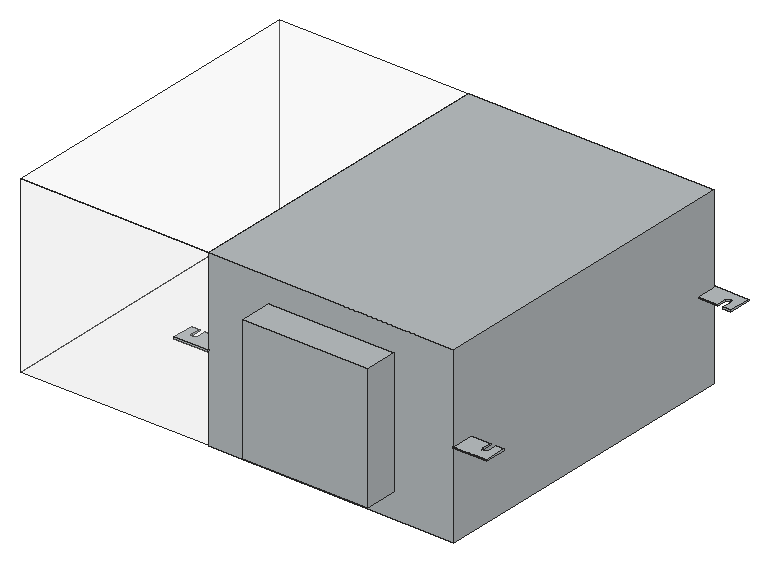
Revit family "bfs-300ta2-60_60Hz", category 機械設備, Revit 2019
Family settings
  丸型コネクタ寸法 = 直径を使用
  パーツ タイプ = 割り込み
  OmniClass 番号 = 23.75.35.17.24
  OmniClass タイトル = Axial Fans
  作業面ベース = いいえ
  常に垂直 = はい
  ロード時にボイドで切り取り = いいえ
  共有 = いいえ
  部屋計算ポイント = はい
Parameters (values of type "BFS-300TA2-60")
  騒音レベル(dB(A))_吸込 = 56
  騒音レベル(dB(A))_吐出 = 73
  騒音レベル(dB(A))_側面 = 46
  騒音レベル(dB(A)) = 73
  風量 [instance] = 設計風量  # 0.0 m³/h
  電源種別 [instance] = "一般"
  電圧 = 200 V
  電動機出力 = 1500 W
  電動機_種別 [instance] = ""
  運転質量 = 0.00 kg
  連動 [instance] = ""
  質量 = if(製品質量 > 運転質量, 製品質量, 運転質量) * 1.2  # 46.80 kg
  負荷分類 = 3_ファン類
  説明 = "ストレートシロッコファン天吊埋込タイプ（標準形）"
  設計風量 [instance] = 0.0 m³/h
  設置方法 = "天吊"
  記号 [instance] = ""
  製造元 = "三菱電機株式会社"
  製品質量 = 39.00 kg
  製品出荷対象 = "国内"
  製品リリース年月 = "2022年6月1日"
  製品グループ = ""
  系統 [instance] = ""
  符号 [instance] = if(☑給気／□排気, "FS", "FE")  # "FE"
  積算_科目 = "2 換気設備"
  積算_拾い区分 [instance] = ""
  相 = 3
  盤記号 [instance] = ""
  盤工事区分 = "電気工事"
  発停方法 [instance] = "別売スイッチ"
  番手 = "#2"
  特殊仕様 [instance] = ""
  火災停止 [instance] = ""
  消費電力 = 1270 W
  法定耐用年数 = "15"
  機外静圧 [instance] = 0.0 Pa
  極数 = 3
  極 = 4
  材質 [instance] = ""
  本体マテリアル = 溶融亜鉛めっき鋼板
  操作・制御方式 = ""
  操作・制御スイッチ = ""
  排気量 [instance] = if(☑給気／□排気, 0.0 m³/h, 設計風量)  # 0.0 m³/h
  形式 = ""
  形名 = BFS-TA : BFS-300TA
  幹線記号 [instance] = ""
  対象室 [instance] = ""
  実風量 = 0.0 m³/h
  始動方式 [instance] = "直入"
  外気量 [instance] = if(☑給気／□排気, 設計風量, 0.0 m³/h)  # 0.0 m³/h
  呼称 = "消音ボックス付送風機"
  周波数 = 60 Hz
  天吊金具ピッチ幅 = 695 mm
  天吊金具ピッチ奥行 = 722 mm
  参照している仕様書等のバージョン = ""
  分類コード = "50052502100020"
  分類グループ = ""
  価格 = 266000
  企業コード = "108420"
  付属品_防振装置 = ""
  付属品 [instance] = ""
  仕様書バージョン = "Version1.0"
  モデル = "BFS-300TA2-60"
  ファンの種類 = "多翼形"
  ダクト高 = 300 mm
  ダクト幅 = 300 mm
  サービススペース = yes
  コメント [instance] = ""
  Keynote = ""
  ☑給気／□排気 [instance] = no
  Width = 586 mm
  Version = ""
  Uniclass2015Version = "Systems v1.9"
  Uniclass2015Title = "Centrifugal fans"
  Uniclass2015Code = "Pr_65_67_29_12"
  URL = "https://www.mitsubishielectric.co.jp/ldg/wink/ssl/displayProduct.do?pid=319092"
  SpecificationReference = ""
  SpecificationDescription = ""
  Revision = ""
  ProductInformation = ""
  OmniClassCode = "23-33 31 19 13 15"
  MIN風量 = 0.0 m³/h
  MIN静圧 = 0.0 Pa
  MID風量 = 0.0 m³/h
  MID静圧 = 0.0 Pa
  MAX風量 = 3000.0 m³/h
  MAX静圧 = 460.0 Pa
  M = 79 mm
  IfcTypeProduct = ""
  IfcProduct = ""
  IfcExportType = "CENTRIFUGALFORWARDCURVED"
  IfcExportAs = "IfcFanType"
  Height = 413 mm
  Depth = 775 mm
  Clearance Top = 0 mm  # constant formula
  Clearance Right = 0 mm  # constant formula
  Clearance Left = 450 mm  # constant formula
  Clearance Front = 0 mm  # constant formula
  Clearance Bottom = 0 mm  # constant formula
  Clearance Back = 0 mm  # constant formula
  Author = "三菱電機株式会社"
Reference planes
  plane 1 "中心(正面/背面)": y = 0
  plane 2: z = 0
  plane 3 "中心(左/右)": x = 0
  plane 4 "左": x = -293
  plane 5 "右": x = 293
  plane 6 "背面": y = 387.5
  plane 7 "正面": y = -387.5
  plane 8: z = 206.5
  plane 9: y = 361
  plane 10: y = -361
  plane 11: x = 347.5
  plane 12: x = -347.5
  plane 13: z = -206.5
  plane 14: z = 206.5
  plane 15: z = -206.5
  plane 16: y = 387.5
  plane 17: y = -387.5
  plane 18: x = -743
  plane 19: x = 293
Lines and regions (mm)
  Masking region 1, detail levels coarse+medium
    outline origin (-173.573, -1404.281, 0) x (1, 0, 0) y (0, 1, 0)
      loop
        line (-119.427, 1016.781) -> (466.573, 1016.781) -> (466.573, 1791.781) -> (-119.427, 1791.781) -> (-119.427, 1016.781)
  symbolic lines, detail levels coarse+medium
    curve 1: line (-293, 387.5, 0) -> (293, 0, 0)
    curve 2: line (293, 0, 0) -> (-293, -387.5, 0)
Dimensions and locks
  "Width": plane 4 "左" to plane 5 "右"
  equal spacing: plane 7 "正面", plane 1 "中心(正面/背面)", plane 6 "背面"
  "Depth": plane 7 "正面" to plane 6 "背面"
  equal spacing: plane 8, level, plane 13
  "Height": plane 8 to plane 13
  "Clearance Right": plane 5 "右" to plane 19
  "Clearance Left": plane 18 to plane 4 "左"
  "Clearance Back": plane 6 "背面" to plane 16
  "Clearance Front": plane 17 to plane 7 "正面"
  "Clearance Top": plane 14 to plane 8
  "Clearance Bottom": plane 13 to plane 15
  equal spacing: plane 12, plane 3 "中心(左/右)", plane 11
  "天吊金具ピッチ幅": plane 12 to plane 11
  equal spacing: plane 10, plane 1 "中心(正面/背面)", plane 9
  "天吊金具ピッチ奥行": plane 10 to plane 9
  equal spacing: plane 4 "左", plane 3 "中心(左/右)", plane 5 "右"
  aligned and locked: level to plane 2
  aligned and locked: nested 2 to plane 9
  aligned and locked: plane 10 to nested 2
  aligned and locked: plane 12 to nested 2
  aligned and locked: plane 11 to nested 2
  aligned and locked: plane 8 to nested 1
  aligned and locked: plane 18 to nested 3
  aligned and locked: plane 17 to nested 3
  aligned and locked: plane 14 to nested 3
  aligned and locked: plane 15 to nested 3
  aligned and locked: plane 1 "中心(正面/背面)" to nested 1
  aligned and locked: nested 1 to plane 3 "中心(左/右)"
  aligned and locked: plane 16 to nested 3
  aligned and locked: plane 4 "左" to nested 3
  aligned and locked: plane 5 "右" to Masking region 1
  aligned and locked: Masking region 1 to plane 4 "左"
  aligned and locked: Masking region 1 to plane 6 "背面"
  aligned and locked: plane 7 "正面" to Masking region 1
Automatic sketch dimensions
  plane 4 "左" to Masking region 1 sketch curve = 0 mm
  Masking region 1 sketch curve to plane 5 "右" = 0 mm
  plane 7 "正面" to Masking region 1 sketch curve = 0 mm
  Masking region 1 sketch curve to plane 7 "正面" = 775 mm
  curve 2 to plane 4 "左" = 0 mm
  curve 1 to plane 4 "左" = 0 mm
  plane 1 "中心(正面/背面)" to curve 1 = 0 mm
  curve 1 to plane 5 "右" = 0 mm
  plane 7 "正面" to curve 2 = 0 mm
  plane 6 "背面" to curve 1 = 0 mm
Nested families
  nested 1: "BFS-TA" at (0, 0, -206.5) x (0, -1, 0) z (0, 0, 1), type <- "形名", type "BFS-300TA"
  nested 2: "固定点" at (-347.5, -361, 0), type "固定点"
    with W 695 mm, D 722 mm
  nested 3: "サービススペース" at (-518, 0, 0), visible <- "サービススペース", type "サービススペース"
    with Width 450 mm, Height 413 mm, Depth 775 mm
Connectors
  hvac at (0, -466.5, 0), driven by "ダクト高", driven by "ダクト幅", driven by "機外静圧", driven by "風量"
    settings: on nested 1, index 4, duct flow 0.0 m³/h, flow factor 0, pres drop 0.0 Pa, loss coef 0, conn angle 0.00°, conn width 300 mm, conn height 300 mm, conn diameter 609.6 mm, duct sys type 29, conn prof type 1, flow config 0, flow direction 2, loss method 4, conn ref index -1, conn util no, is conn primary yes, conn desc "Out"
  hvac at (0, 466.5, 0), driven by "ダクト高", driven by "ダクト幅", driven by "機外静圧", driven by "風量"
    settings: on nested 1, index 5, duct flow 0.0 m³/h, flow factor 0, pres drop 0.0 Pa, loss coef 0, conn angle 0.00°, conn width 300 mm, conn height 300 mm, conn diameter 609.6 mm, duct sys type 29, conn prof type 1, flow config 0, flow direction 1, loss method 4, conn ref index -1, conn util no, is conn primary no, conn desc "In"
  electrical at (-322.5, -259.5, -64), driven by "極数", driven by "負荷分類", driven by "電圧", driven by "消費電力"
    settings: on nested 1, index 6, voltage 200 V, apparent load 1270 VA, apparent load phase1 0 VA, apparent load phase2 0 VA, apparent load phase3 0 VA, power factor 1, load classification "3_ファン類", number of poles 3, system type 30, power factor state 1, is connector primary yes, connector utility no, sub classification motor no, connector description ""
Definition of nested family "BFS-TA"
  Parameters (values of type "BFS-300TA1")
    端子カバー高 = 99 mm
    端子カバー手前位置 = 62.5 mm
    端子カバー幅 = 29.5 mm
    端子カバー奥行 = 131 mm
    端子カバー上位置 = 221 mm
    吊りボルト幅 = 695 mm
    吊りボルト奥行 = 772 mm
    マテリアル = none
    φ = 298 mm
    Φ = 298 mm
    kb_z = 50 mm
    b = 430 mm
    a = 79 mm
    W = 775 mm
    H = 413 mm
    c = 59 mm
    D = 586 mm
  Reference planes
    plane 1 "中心(正面/背面)": y = 0
    plane 2: z = 0
    plane 3 "中心(左/右)": x = 0
    plane 4: y = 293
    plane 5: y = 347.5
    plane 6: y = 373
    plane 7: y = -293
    plane 8: y = -347.5
    plane 9: y = -373
    plane 10: x = -387.5
    plane 11: x = -361
    plane 12: x = -390.5
    plane 13: x = 387.5
    plane 14: x = 361
    plane 15: x = 390.5
    plane 16: z = 413
    plane 17: z = 600
    plane 18: z = 900
    plane 19: z = 1200
    plane 20: x = -105
    plane 21: x = 325
    plane 22: x = 466.5
    plane 23: x = -466.5
    plane 24: z = 206.5
    plane 25: z = 203.5
    plane 26: z = 165.5
    plane 27: x = -338.5
    plane 28: y = -296
    plane 29: z = 188.5
    plane 30: x = 338.5
    plane 31: y = 296
    plane 32: x = 456.5
    plane 33: x = 397.5
    plane 34: x = -397.5
    plane 35: x = -456.5
    plane 36: x = 194
    plane 37: z = 192
    plane 38: z = 93
    plane 39: y = -322.5
    plane 40: z = 103
    plane 41: y = 149
    plane 42: y = -149
    plane 43: z = 355.5
    plane 44: z = 57.5
    plane 45: z = 182
  Forms (mm)
    Extrusion 1, solid, material <- "マテリアル", detail levels fine
      sketch origin (0, 0, 0) x (1, 0, 0) y (0, 1, 0)
        loop
          line (-387.5, 293) -> (-387.5, -293) -> (387.5, -293) -> (387.5, 293) -> (-387.5, 293)
      from 0 to 413
    Extrusion 2, solid, material <- "マテリアル", detail levels fine
      sketch origin (0, 0, 0) x (1, 0, 0) y (0, 1, 0)
        loop
          line (-390.5, -293) -> (-390.5, -373) -> (-338.5, -373) -> (-338.5, -354.25) -> (-361, -354.25)
          arc (-361, -354.25) -> (-367.75, -347.5) -> (-361, -340.75) r 6.75
          line (-361, -340.75) -> (-338.5, -340.75) -> (-338.5, -293) -> (-390.5, -293)
      from 203.5 to 206.5
    Extrusion 3, solid, material <- "マテリアル", detail levels fine
      sketch origin (0, 0, 0) x (1, 0, 0) y (0, 1, 0)
        loop
          line (-390.5, 293) -> (-338.5, 293) -> (-338.5, 340.75) -> (-361, 340.75)
          arc (-361, 340.75) -> (-367.75, 347.5) -> (-361, 354.25) r 6.75
          line (-361, 354.25) -> (-338.5, 354.25) -> (-338.5, 373) -> (-390.5, 373) -> (-390.5, 293)
      from 203.5 to 206.5
    Extrusion 4, solid, material <- "マテリアル", detail levels fine
      sketch origin (0, 0, 0) x (-1, 0, 0) y (0, -1, 0)
        loop
          line (-390.5, 293) -> (-338.5, 293) -> (-338.5, 340.75) -> (-361, 340.75)
          arc (-361, 340.75) -> (-367.75, 347.5) -> (-361, 354.25) r 6.75
          line (-361, 354.25) -> (-338.5, 354.25) -> (-338.5, 373) -> (-390.5, 373) -> (-390.5, 293)
      from 203.5 to 206.5
    Extrusion 5, solid, material <- "マテリアル", detail levels fine
      sketch origin (0, 0, 0) x (0, 1, 0) y (0, 0, 1)
        loop
          line (149, 57.5) -> (149, 355.5) -> (-149, 355.5) -> (-149, 57.5) -> (149, 57.5)
      from -387.5 to -466.5
    Extrusion 6, solid, material <- "マテリアル", detail levels fine
      sketch origin (0, 0, 0) x (0, 1, 0) y (0, 0, -1)
        loop
          line (-149, -355.5) -> (149, -355.5) -> (149, -57.5) -> (-149, -57.5) -> (-149, -355.5)
      from -387.5 to -466.5
    Extrusion 7, solid, material <- "マテリアル", detail levels fine
      sketch origin (0, 0, 0) x (1, 0, 0) y (0, 0, 1)
        loop
          line (325, 192) -> (194, 192) -> (194, 93) -> (325, 93) -> (325, 192)
      from 293 to 322.5
    Extrusion 8, solid, material <- "マテリアル", detail levels fine
      sketch origin (0, 0, 0) x (-1, 0, 0) y (0, -1, 0)
        loop
          line (-390.5, -293) -> (-390.5, -373) -> (-338.5, -373) -> (-338.5, -354.25) -> (-361, -354.25)
          arc (-361, -354.25) -> (-367.75, -347.5) -> (-361, -340.75) r 6.75
          line (-361, -340.75) -> (-338.5, -340.75) -> (-338.5, -293) -> (-390.5, -293)
      from 203.5 to 206.5
  Dimensions and locks
    plane 12 to plane 15 = 781 mm
    plane 11 to plane 14 = 722 mm
    "W": plane 10 to plane 13
    plane 9 to plane 6 = 746 mm
    plane 8 to plane 5 = 695 mm
    "D": plane 7 to plane 4
    equal spacing: plane 7, plane 1 "中心(正面/背面)", plane 4
    equal spacing: plane 10, plane 3 "中心(左/右)", plane 13
    "H": plane 16 to level
    locked: plane 4 to plane 5 at 54.5
    locked: plane 5 to plane 6 at 25.5
    locked: plane 8 to plane 7 at 54.5
    locked: plane 9 to plane 8 at 25.5
    locked: plane 10 to plane 11 at 26.5
    locked: plane 14 to plane 13 at 26.5
    locked: plane 13 to plane 15 at 3
    locked: plane 12 to plane 10 at 3
    equal spacing: plane 16, plane 24, level
    locked: plane 24 to plane 25 at 3
    locked: plane 24 to plane 26 at 41
    locked: plane 12 to plane 27 at 52
    locked: plane 28 to plane 7 at 3
    locked: plane 25 to plane 29 at 15
    locked: plane 30 to plane 15 at 52
    locked: plane 31 to plane 4 at 3
    "a": plane 23 to plane 10
    "a": plane 13 to plane 22
    locked: plane 23 to plane 35 at 10
    locked: plane 34 to plane 10 at 10
    locked: plane 13 to plane 33 at 10
    locked: plane 32 to plane 22 at 10
    "端子カバー手前位置": plane 13 to plane 21
    "b": plane 21 to plane 20
    "端子カバー奥行": plane 21 to plane 36
    "端子カバー高": plane 37 to plane 38
    "端子カバー幅": plane 39 to plane 7
    locked: plane 40 to plane 38 at 10
    equal spacing: plane 42, plane 1 "中心(正面/背面)", plane 41
    "Φ": plane 42 to plane 41
    equal spacing: plane 43, plane 24, plane 44
    "φ": plane 43 to plane 44
    locked: plane 37 to plane 45 at 10
    "端子カバー上位置": plane 16 to plane 37
    aligned and locked: level to plane 2
    aligned and locked: plane 4 to Extrusion 1 sketch curve
    aligned and locked: plane 10 to Extrusion 1 sketch curve
    aligned and locked: Extrusion 1 sketch curve to plane 7
    aligned and locked: Extrusion 1 sketch curve to plane 13
    aligned and locked: plane 16 to Extrusion 1
    aligned and locked: plane 7 to Extrusion 2 sketch curve
    aligned and locked: plane 12 to Extrusion 2 sketch curve
    aligned and locked: Extrusion 2 sketch curve to plane 9
    aligned and locked: Extrusion 2 sketch curve to plane 27  (x2)
    aligned and locked: plane 11 to Extrusion 2 sketch curve
    aligned and locked: plane 8 to Extrusion 2 sketch curve
    aligned and locked: plane 24 to Extrusion 2
    aligned and locked: Extrusion 2 to plane 25
    aligned and locked: plane 27 to Extrusion 3 sketch curve  (x2)
    aligned and locked: plane 5 to Extrusion 3 sketch curve
    aligned and locked: plane 11 to Extrusion 3 sketch curve
    aligned and locked: Extrusion 3 sketch curve to plane 6
    aligned and locked: Extrusion 3 sketch curve to plane 12
    aligned and locked: plane 4 to Extrusion 3 sketch curve
    aligned and locked: plane 24 to Extrusion 3
    aligned and locked: Extrusion 3 to plane 25
    aligned and locked: plane 9 to Extrusion 4 sketch curve
    aligned and locked: plane 15 to Extrusion 4 sketch curve
    aligned and locked: Extrusion 4 sketch curve to plane 7
    aligned and locked: Extrusion 4 sketch curve to plane 30  (x2)
    aligned and locked: plane 14 to Extrusion 4 sketch curve
    aligned and locked: plane 8 to Extrusion 4 sketch curve
    aligned and locked: Extrusion 4 to plane 25
    aligned and locked: plane 24 to Extrusion 4
    aligned and locked: plane 10 to Extrusion 5
    aligned and locked: Extrusion 6 to plane 13
    aligned and locked: plane 37 to Extrusion 7 sketch curve
    aligned and locked: plane 21 to Extrusion 7 sketch curve
    aligned and locked: Extrusion 7 sketch curve to plane 38
    aligned and locked: Extrusion 7 sketch curve to plane 36
    aligned and locked: Extrusion 7 to plane 7
    aligned and locked: plane 6 to Extrusion 8 sketch curve
    aligned and locked: plane 30 to Extrusion 8 sketch curve  (x2)
    aligned and locked: Extrusion 8 sketch curve to plane 4
    aligned and locked: Extrusion 8 sketch curve to plane 15
    aligned and locked: plane 5 to Extrusion 8 sketch curve
    aligned and locked: plane 14 to Extrusion 8 sketch curve
    aligned and locked: plane 24 to Extrusion 8
    aligned and locked: Extrusion 8 to plane 25
    aligned and locked: Extrusion 5 sketch curve to plane 41
    aligned and locked: Extrusion 5 sketch curve to plane 43
    aligned and locked: Extrusion 5 sketch curve to plane 42
    aligned and locked: plane 44 to Extrusion 5 sketch curve
    aligned and locked: Extrusion 5 to plane 23
    aligned and locked: Extrusion 6 sketch curve to Extrusion 5  (x4)
    aligned and locked: plane 22 to Extrusion 6
    aligned and locked: plane 39 to Extrusion 7
  Automatic sketch dimensions
    Extrusion 3 sketch curve to plane 5 = 6.75 mm
    plane 5 to Extrusion 8 sketch curve = 6.75 mm
    Extrusion 2 sketch curve to plane 8 = 6.75 mm
    plane 8 to Extrusion 4 sketch curve = 6.75 mm
Definition of nested family "サービススペース"
  Parameters (values of type "サービススペース")
    Width [instance] = 500 mm
    Height [instance] = 500 mm
    Depth [instance] = 500 mm
  Reference planes
    plane 1 "中心(正面/背面)": y = 0
    plane 2: z = 0
    plane 3 "中心(左/右)": x = 0
    plane 4: y = -250
    plane 5: x = 250
    plane 6: y = 250
    plane 7: x = -250
    plane 8: z = 250
    plane 9: z = -250
  Forms (mm)
    Extrusion 1, solid
      sketch origin (-638.939, 0, 72.39) x (1, 0, 0) y (0, 1, 0)
        loop
          line (388.939, 250) -> (388.939, -250) -> (888.939, -250) -> (888.939, 250) -> (388.939, 250)
      from -322.39 to 177.61
  Lines and regions (mm)
    symbolic lines
      curve 1: line (-250, 0, 250) -> (250, 0, 250)
      curve 2: line (-250, 0, -250) -> (-250, 0, 250)
      curve 3: line (250, 0, -250) -> (-250, 0, -250)
      curve 4: line (250, 0, 250) -> (250, 0, -250)
      curve 5: line (0, -250, 250) -> (0, 250, 250)
      curve 6: line (0, -250, -250) -> (0, -250, 250)
      curve 7: line (0, 250, -250) -> (0, -250, -250)
      curve 8: line (0, 250, 250) -> (0, 250, -250)
      curve 9: line (-250, 250, 0) -> (250, 250, 0)
      curve 10: line (-250, -250, 0) -> (-250, 250, 0)
      curve 11: line (250, -250, 0) -> (-250, -250, 0)
      curve 12: line (250, 250, 0) -> (250, -250, 0)
  Dimensions and locks
    equal spacing: plane 7, plane 3 "中心(左/右)", plane 5
    equal spacing: plane 4, plane 1 "中心(正面/背面)", plane 6
    "Depth": plane 4 to plane 6
    "Width": plane 7 to plane 5
    equal spacing: plane 8, plane 2, plane 9
    "Height": plane 8 to plane 9
    aligned and locked: plane 9 to curve 3
    aligned and locked: plane 7 to curve 2
    aligned and locked: curve 4 to plane 5
    aligned and locked: plane 5 to Extrusion 1
    aligned and locked: Extrusion 1 to plane 7
    aligned and locked: Extrusion 1 to plane 9
    aligned and locked: plane 8 to Extrusion 1
    aligned and locked: plane 9 to curve 7
  Automatic sketch dimensions
    plane 4 to Extrusion 1 sketch curve = 0 mm
    Extrusion 1 sketch curve to plane 7 = 0 mm
    Extrusion 1 sketch curve to plane 5 = 0 mm
    plane 6 to Extrusion 1 sketch curve = 0 mm
    curve 2 to plane 8 = 0 mm
    plane 4 to curve 11 = 0 mm
    curve 11 to plane 7 = 0 mm
    curve 11 to plane 5 = 0 mm
    plane 6 to curve 10 = 0 mm
    curve 7 to plane 4 = 0 mm
    curve 7 to plane 6 = 0 mm
    curve 6 to plane 8 = 0 mm
Definition of nested family "固定点"
  Parameters (values of type "固定点")
    中心円 = 13.5 mm
    W [instance] = 1000 mm
    D [instance] = 1000 mm
  Reference planes
    plane 1 "中心(正面/背面)": y = 0
    plane 2: z = 0
    plane 3 "中心(左/右)": x = 0
    plane 4: x = 1000
    plane 5: y = 1000
  Lines and regions (mm)
    symbolic lines, detail levels fine
      curve 1: circle (0, 1000, 0) r 6.75 normal (0, 0, 1)
      curve 2: circle (0, 0, 0) r 6.75 normal (0, 0, 1)
      curve 3: circle (1000, 1000, 0) r 6.75 normal (0, 0, 1)
      curve 4: circle (1000, 0, 0) r 6.75 normal (0, 0, 1)
      curve 5: line (-200, 1000, 0) -> (1200, 1000, 0)
      curve 6: line (-200, 0, 0) -> (1200, 0, 0)
      curve 7: line (0, 1200, 0) -> (0, -200, 0)
      curve 8: line (1000, 1200, 0) -> (1000, -200, 0)
  Dimensions and locks
    "W": plane 3 "中心(左/右)" to plane 4
    "D": plane 1 "中心(正面/背面)" to plane 5
    "中心円": diameter of curve 1
    "中心円": diameter of curve 2
    "中心円": diameter of curve 3
    "中心円": diameter of curve 4
    aligned and locked: level to plane 2
    aligned and locked: plane 5 to curve 1
    aligned and locked: plane 3 "中心(左/右)" to curve 1
    aligned and locked: plane 3 "中心(左/右)" to curve 2
    aligned and locked: plane 1 "中心(正面/背面)" to curve 2
    aligned and locked: plane 4 to curve 3
    aligned and locked: plane 5 to curve 3
    aligned and locked: plane 1 "中心(正面/背面)" to curve 4
    aligned and locked: plane 4 to curve 4
    aligned and locked: plane 1 "中心(正面/背面)" to curve 6
    aligned and locked: curve 7 to plane 3 "中心(左/右)"
    aligned and locked: curve 8 to plane 4
  Automatic sketch dimensions
    curve 5 to plane 5 = 0 mm
    curve 6 to plane 3 "中心(左/右)" = 200 mm
    curve 5 to plane 3 "中心(左/右)" = 200 mm
    curve 4 to curve 6 = 200 mm
    curve 3 to curve 5 = 200 mm
    plane 1 "中心(正面/背面)" to curve 8 = 200 mm
    plane 1 "中心(正面/背面)" to curve 7 = 200 mm
    curve 3 to curve 8 = 200 mm
    curve 1 to curve 7 = 200 mm
